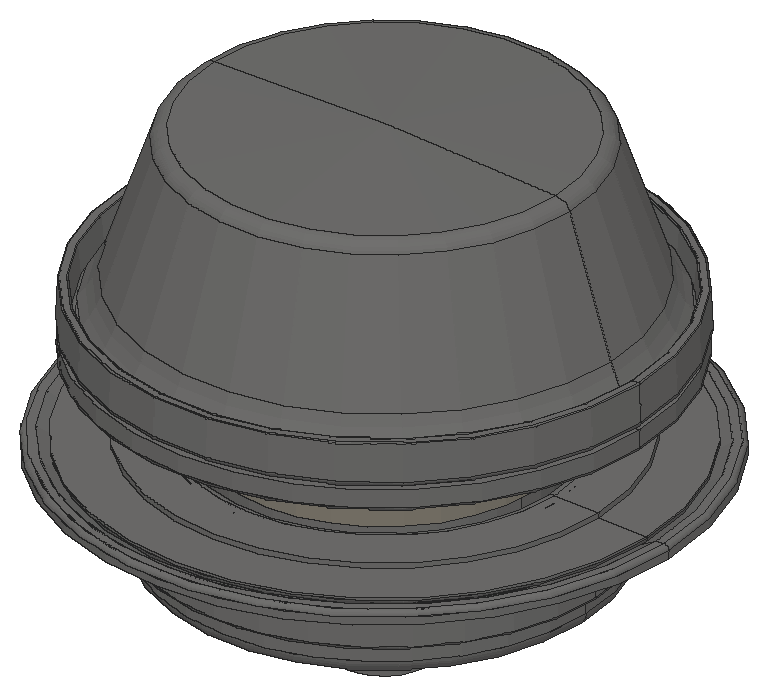
Revit family "Roof_Drain-Josam-21500-AE", category Plumbing Fixtures, Revit 2012
Parameters (values of type "2In Diameter")
  Weight = 59.00 lbf
  Surface Finish = "Painted"  # constant formula
  Product Type = "Large Sump"  # constant formula
  Product Page URL = "http://www.josam.com/catalog/line/R"
  Product Line = "Josam"  # constant formula
  Material = "Cast Iron"  # constant formula
  Manufacturer Toll Free Phone = "800-365-6726"  # constant formula
  Manufacturer Phone = "800-365-6726"  # constant formula
  Manufacturer Fax = "800-627-0008"  # constant formula
  Manufacturer Email = "custserv@josam.com"
  Manufacturer Address = "525 W. US Hwy 20, Michigan City, IN 46360"  # constant formula
  Extension Height = 1 1/2"
  URL = "http://www.josam.com/catalog/JOS/pl=R/21500-AE"
  Pipe Size Radius = Pipe Size Diameter / 2  # 1"
  Pipe Size Diameter = 2"
  Default Elevation = 48"
  Outer Cleanout Body = Metal - Josam - Anodized- Dark Bronze Satin
  Model = "21500-AE"  # constant formula
  Manufacturer = "Josam Company"  # constant formula
  Inner Cleanout body = Metal - Josam - Brass - Satin
  Description = "Roof drain - cast iron"  # constant formula
  Color Availability = "Green"  # constant formula
  Subcategory = "Roof Drain"  # constant formula
  Assembly Code = ""
  95 CSI = ""
  04 CSI = "22 40 00"  # constant formula
Reference planes (in)
  plane 1 "Center (Front/Back)": y = 0
  plane 2: z = 0
  plane 3 "Center (Left/Right)": x = 0.28125
  plane 4: x = -7.34375
  plane 5: x = 7.90625
  plane 6: x = -1.697
  plane 7: x = 2.25168
  plane 8: z = -5.125
  plane 9: z = 0
  plane 10: y = 7.64268
  plane 11: y = -7.64268
  plane 12: z = 1.5
Dimensions and locks (in)
  plane 4 to plane 5 = 15 1/4"
  "Extension Height": plane 12 to level
  level to plane 8 = 5 1/8"
  aligned and locked: level to plane 2
  aligned and locked: plane 1 "Center (Front/Back)" to nested 1
  aligned and locked: plane 3 "Center (Left/Right)" to nested 1
  aligned and locked: level to plane 9
Nested families (in)
  nested 1: "21500-AE" at (0, 0, 0), type "21500-AE"
    with Pipe Adjustable 5 1/8"
Connectors (in)
  piping at (0.28125, 0, -5.12888), driven by "Pipe Size Radius"
    settings: on nested 1, index 1, connector radius 1", flow factor 0, pipe flow 0 GPM, pressure drop 0.00 psi, fitting loss kfactor 0, connector angle 0.00°, fixture units 0, engagement length 0", flow configuration 0, flow direction 0, fitting loss method 0, system type 16, joint type 0, gender type 0, connector reference index -1, connector utility 0, adjustable connector no, is connector primary yes, fitting loss table "", connector description ""
Definition of nested family "21500-AE"
  Parameters (values of type "21500-AE")
    Extension Height = 1 1/2"
    URL = ""
    Pipe Size Radius = Pipe Size Diameter / 2  # 1"
    Pipe Size Diameter = 2"
    Pipe Adjustable = 5"
    Outer Cleanout Body = Metal - Josam - Anodized- Dark Bronze Satin
    Model = ""
    Manufacturer = ""
    Inner Cleanout body = Metal - Josam - Brass - Satin
    Description = ""
    Assembly Code = ""
  Reference planes (in)
    plane 1 "Center (Front/Back)": y = 0
    plane 2: z = 0
    plane 3 "Center (Left/Right)": x = 0.28125
    plane 4: x = -7.34375
    plane 5: x = 7.90625
    plane 6: x = -1.697
    plane 7: x = 2.25168
    plane 8: x = -6.59375
    plane 9: x = 7.15625
    plane 10: z = -0.00268
    plane 11: z = -0.00388
    plane 12: z = -4
    plane 13: z = -0.00303
    plane 14: y = 7.64268
    plane 15: y = -7.64268
  Forms (in)
    Revolve 1, solid, material "Metal - Josam - Brass - Satin" <- "Inner Cleanout body", detail levels fine
      sketch origin (0, 0, -0.67969) x (1, 0, 0) y (0, 0, 1)
        loop
          line (-3.69675, 0.67969) -> (-3.40675, 0.67969) -> (-3.40675, 3.17364) -> (-3.69675, 3.17364) -> (-3.69675, 0.67969)
        axis (0.28125, 0.67969) -> (0.28125, 3.17364)
      angle from 0 to 360
    Revolve 2, solid, material "Metal - Josam - Anodized- Dark Bronze Satin" <- "Outer Cleanout Body", detail levels fine
      sketch origin (0, 0, 3.20313) x (1, 0, 0) y (0, 0, 1)
        loop
          line (-3.21875, -5.2695) -> (-3.21875, -1.8945) -> (-3.40675, -1.8945) -> (-3.40675, -5.22824)
          arc (-3.40675, -5.22824) -> (-3.43699, -5.30126) -> (-3.51001, -5.3315) r 0.10326
          line (-3.51001, -5.3315) -> (-3.93178, -5.3315)
          arc (-3.93178, -5.3315) -> (-4.00247, -5.30222) -> (-4.03175, -5.23153) r 0.09997
          line (-4.03175, -5.23153) -> (-4.03175, -3.3315)
          arc (-4.03175, -3.3315) -> (-4.10497, -3.15472) -> (-4.28175, -3.0815) r 0.25
          line (-4.28175, -3.0815) -> (-5.46875, -3.0815) -> (-5.46875, -3.207) -> (-6.74453, -3.207) -> (-6.74453, -3.26457)
          arc (-6.74453, -3.26457) -> (-6.72957, -3.32039) -> (-6.6887, -3.36126) r 0.11165
          line (-6.6887, -3.36126) -> (-6.09375, -3.70476)
          arc (-6.09375, -3.70476) -> (-5.96862, -3.73825) -> (-5.84353, -3.70463) r 0.25
          line (-5.84353, -3.70463) -> (-5.52606, -3.52134) -> (-5.30877, -3.52134) -> (-5.30877, -3.2695) -> (-4.31929, -3.2695)
          arc (-4.31929, -3.2695) -> (-4.24891, -3.29866) -> (-4.21975, -3.36904) r 0.09954
          line (-4.21975, -3.36904) -> (-4.21975, -5.2695)
          arc (-4.21975, -5.2695) -> (-4.14653, -5.44628) -> (-3.96975, -5.5195) r 0.25
          line (-3.96975, -5.5195) -> (-3.46875, -5.5195)
          arc (-3.46875, -5.5195) -> (-3.29197, -5.44628) -> (-3.21875, -5.2695) r 0.25
        axis (0.28125, -1.8945) -> (0.28125, -5.5195)
      angle from 0 to 360
    Revolve 3, solid, material "Metal - Josam - Anodized- Dark Bronze Satin" <- "Outer Cleanout Body", detail levels fine
      sketch origin (0, 0, 3.20313) x (1, 0, 0) y (0, 0, 1)
        loop
          arc (5.95102, -3.87425) -> (5.98347, -3.81805) -> (6.04836, -3.81805) r 0.06489
          line (6.04836, -3.81805) -> (6.28113, -3.95244)
          arc (6.28113, -3.95244) -> (6.53101, -4.0195) -> (6.78096, -3.95268) r 0.5
          line (6.78096, -3.95268) -> (7.53125, -3.5195) -> (7.90625, -3.5195) -> (7.90625, -3.33181)
          arc (7.90625, -3.33181) -> (7.86957, -3.24355) -> (7.78125, -3.207) r 0.125
          line (7.78125, -3.207) -> (7.57251, -3.207) -> (6.65625, -3.73601)
          arc (6.65625, -3.73601) -> (6.53138, -3.7695) -> (6.40647, -3.73613) r 0.25
          line (6.40647, -3.73613) -> (6.03443, -3.52134) -> (5.15585, -3.52134) -> (5.15585, -5.7695) -> (1.28125, -5.7695) -> (1.28125, -8.207) -> (1.50004, -8.207) -> (1.50004, -6.0195) -> (5.25846, -6.0195)
          arc (5.25846, -6.0195) -> (5.54687, -5.91041) -> (5.69087, -5.63775) r 0.43577
          line (5.69087, -5.63775) -> (5.69087, -5.207) -> (5.89197, -5.207)
          arc (5.89197, -5.207) -> (5.93124, -5.19103) -> (5.9482, -5.15217) r 0.05625
          line (5.9482, -5.15217) -> (5.9482, -3.87425)
        axis (0.28125, -3.207) -> (0.28125, -8.207)
      angle from 0 to 360
  Lines and regions (in)
    Masking region 1, detail levels fine
      outline origin (0, 0, 0) x (1, 0, 0) y (0, 1, 0)
        loop
          circle (0.28023, 0) r 7.62398
    model lines, detail levels coarse+medium
      curve 1: line (-4.59336, 0, 7.45399) -> (5.15585, 0, 7.45399)
      curve 2: line (-0.71875, 0, -5.00388) -> (1.28125, 0, -5.00388)
      curve 3: line (0.28125, 0, 7.45399) -> (0.28125, 0, -5.00388)
    symbolic lines, detail levels fine
      curve 4: circle (0.28023, 0, 0) r 7.24899 normal (0, 0, 1)
      curve 5: circle (0.28125, 0, 0) r 6.4375 normal (0, 0, 1)
      curve 6: circle (0.28023, 0, 0) r 3.68698 normal (0, 0, 1)
  Dimensions and locks (in)
    plane 4 to plane 5 = 15 1/4"
    plane 9 to plane 8 = 13 3/4"
    level to plane 11 = 0.00388"
    "Pipe Adjustable": plane 11 to Revolve 3 sketch curve
    Revolve 3 sketch curve to Revolve 3 sketch curve to Revolve 3 sketch curve to Revolve 3 sketch curve to Revolve 3 sketch curve to Revolve 2 to Revolve 3 sketch curve to Revolve 3 sketch curve = 1/4" locked, 9/16" locked, 1 3/16" locked, 0.20145" locked, 0.29671" locked, 0.00184" locked, 5/16" locked
    "Extension Height": nested 1 to plane 13
    "Pipe Size Radius": plane 3 "Center (Left/Right)" to Revolve 3 sketch curve
    locked: Revolve 3 sketch curve to Revolve 3 sketch curve at 0.21879
    locked: Revolve 3 sketch curve to Revolve 3 sketch curve at 0.57681
    equal spacing: curve 2, plane 3 "Center (Left/Right)", curve 2
    "Pipe Size Diameter": curve 2 to curve 2
    aligned and locked: level to plane 2
    aligned and locked: nested 1 to plane 1 "Center (Front/Back)"
    aligned and locked: Revolve 1 to plane 2
    aligned and locked: nested 1 to Revolve 1 sketch curve
    aligned and locked: plane 1 "Center (Front/Back)" to curve 1
    aligned and locked: curve 2 to Revolve 3
    aligned and locked: Revolve 3 to curve 3
    aligned and locked: nested 1 to curve 3
    aligned and locked: curve 3 to plane 3 "Center (Left/Right)"
  Automatic sketch dimensions
    Revolve 1 sketch curve to plane 3 "Center (Left/Right)" = 0"
    Revolve 1 sketch curve to plane 6 = 1.70975"
    Revolve 1 sketch curve to Revolve 1 sketch curve = 0.29"
    Revolve 1 sketch curve to plane 10 = 3.61065"
    Revolve 1 sketch curve to Revolve 1 sketch curve = 0.58369"
    Revolve 2 sketch curve to plane 3 "Center (Left/Right)" = 0"
    Revolve 2 sketch curve to plane 6 = 1.52175"
    Revolve 2 sketch curve to Revolve 2 sketch curve = 0.188"  (x2)
    Revolve 2 sketch curve to Revolve 2 sketch curve = 0.062"  (x4)
    Revolve 2 sketch curve to Revolve 2 sketch curve = 0.04126"
    Revolve 2 sketch curve to Revolve 2 sketch curve = 0.42177"
    Revolve 2 sketch curve to Revolve 2 sketch curve = 0.03797"
    Revolve 2 sketch curve to Revolve 2 sketch curve = 0.03754"  (x2)
    Revolve 2 sketch curve to Revolve 2 sketch curve = 0.98948"
    Revolve 2 sketch curve to Revolve 2 sketch curve = 0.15998"
    Revolve 2 sketch curve to Revolve 2 sketch curve = 0.21729"
    Revolve 2 sketch curve to Revolve 2 sketch curve = 0.31747"
    Revolve 2 sketch curve to Revolve 2 sketch curve = 0.12522"
    Revolve 2 sketch curve to Revolve 2 sketch curve = 1/8"
    Revolve 2 sketch curve to Revolve 2 sketch curve = 0"  (x2)
    plane 8 to Revolve 2 sketch curve = 0.03912"
    plane 8 to Revolve 2 sketch curve = 0.09495"
    Revolve 2 sketch curve to Revolve 2 sketch curve = 0.11165"
    Revolve 2 sketch curve to level = 2.31638"
    Revolve 2 sketch curve to Revolve 2 sketch curve = 1.4525"
    Revolve 2 sketch curve to Revolve 2 sketch curve = 1.56474"
    Revolve 2 sketch curve to Revolve 2 sketch curve = 0.00013"
    Revolve 2 sketch curve to Revolve 2 sketch curve = 0.18329"
    Revolve 2 sketch curve to Revolve 2 sketch curve = 0.1523"
    Revolve 2 sketch curve to Revolve 2 sketch curve = 0.34349"
    Revolve 2 sketch curve to Revolve 2 sketch curve = 0.05757"
    Revolve 2 sketch curve to Revolve 2 sketch curve = 1"
    Revolve 2 sketch curve to Revolve 2 sketch curve = 1.187"
    Revolve 3 sketch curve to Revolve 3 sketch curve = 0"  (x5)
    Revolve 3 sketch curve to plane 3 "Center (Left/Right)" = 0"
    Revolve 3 sketch curve to plane 11 = 0.31434"
    Revolve 3 sketch curve to Revolve 3 sketch curve = 0.01852"
    Revolve 3 sketch curve to Revolve 3 sketch curve = 0.12534"
    Revolve 3 sketch curve to Revolve 3 sketch curve = 0.12478"
    Revolve 3 sketch curve to Revolve 3 sketch curve = 0.12471"
    Revolve 3 sketch curve to Revolve 3 sketch curve = 0.78573"
    Revolve 3 sketch curve to Revolve 3 sketch curve = 1.24917"
    Revolve 3 sketch curve to Revolve 3 sketch curve = 0.05483"
    Revolve 3 sketch curve to Revolve 3 sketch curve = 0.13463"
    Revolve 3 sketch curve to Revolve 3 sketch curve = 0.21663"
    Revolve 3 sketch curve to Revolve 3 sketch curve = 1/8"  (x2)
    Revolve 3 sketch curve to Revolve 3 sketch curve = 0.43075"
    Revolve 3 sketch curve to Revolve 3 sketch curve = 0.24978"
    plane 12 to Revolve 1 sketch curve = 4"
    plane 5 to Revolve 3 sketch curve = 0"
    Revolve 3 sketch curve to plane 9 = 2.00039"
    Revolve 3 sketch curve to Revolve 3 sketch curve = 0.10261"
    Revolve 3 sketch curve to Revolve 3 sketch curve = 0.2011"
    Revolve 3 sketch curve to Revolve 3 sketch curve = 0.05623"
    Revolve 3 sketch curve to Revolve 3 sketch curve = 0.00282"
    Revolve 3 sketch curve to Revolve 3 sketch curve = 0.06489"
    Revolve 3 sketch curve to Revolve 3 sketch curve = 0.03244"
    Revolve 3 sketch curve to Revolve 3 sketch curve = 0.23277"
    plane 5 to Revolve 3 sketch curve = 3/8"
    Revolve 3 sketch curve to Revolve 3 sketch curve = 0.04127"
    curve 1 to plane 9 = 2.00039"
    curve 1 to plane 8 = 2.00039"
    plane 1 "Center (Front/Back)" to Masking region 1 sketch curve = 0"
    Masking region 1 sketch curve to plane 3 "Center (Left/Right)" = 0.00102"
    curve 4 to curve 6 = 0"  (x2)
    plane 1 "Center (Front/Back)" to curve 6 = 0"
    plane 1 "Center (Front/Back)" to curve 5 = 0"
    curve 5 to plane 3 "Center (Left/Right)" = 0"
    curve 4 to curve 5 = 0.00102"
    radius of Masking region 1 sketch curve = 7.62398"
    radius of curve 4 = 7.24899"
    radius of curve 5 = 6 7/16"
    radius of curve 6 = 3.68698"
  Nested families (in)
    nested 1: "Strainer" at (0.28125, 0, -2.80205), type "Strainer", detail levels fine
  Definition of nested family "Strainer"
    Parameters (values of type "Strainer")
      Waste Connection = no
      Vent Connection = no
      URL = ""
      Strainer = none
      Model = ""
      Manufacturer = ""
      HW Connection = no
      Description = ""
      Default Elevation = 48"
      CW Connection = no
      Assembly Code = ""
    Reference planes (in)
      plane 1: z = 0
      plane 2: y = 0
      plane 3: x = 0
      plane 4: z = 10.25604
      plane 5: z = 4.29903
      plane 6: through (4.95512, -180, 9.88317) normal (0.9455, 0, 0.3256)
      plane 7: through (0, -4.90104, 9.95468) normal (0, -0.9455, 0.3256)
    Forms (in)
      Revolve 1, solid, material <- "Strainer", detail levels medium+fine
        sketch origin (-0.28125, 0, 4) x (1, 0, 0) y (0, 0, 1)
          loop
            arc (-6.59375, 0.86191) -> (-6.57533, 0.81745) -> (-6.53086, 0.79903) r 0.06289
            line (-6.53086, 0.79903) -> (-5.92668, 0.79903)
            arc (-5.92668, 0.79903) -> (-5.91038, 0.80117) -> (-5.89519, 0.80746) r 0.06297
            line (-5.89519, 0.80746) -> (-5.48344, 1.04519)
            arc (-5.48344, 1.04519) -> (-5.46817, 1.05151) -> (-5.45179, 1.05367) r 0.06329
            line (-5.45179, 1.05367) -> (-5.34375, 1.05367) -> (-5.34375, 0.36323)
            arc (-5.34375, 0.36323) -> (-5.32495, 0.31783) -> (-5.27955, 0.29903) r 0.0642
            line (-5.27955, 0.29903) -> (-4.65814, 0.29903)
            arc (-4.65814, 0.29903) -> (-4.61261, 0.31788) -> (-4.59375, 0.36341) r 0.06439
            line (-4.59375, 0.36341) -> (-4.59375, 1.04903) -> (-3.69675, 1.04903) -> (-3.69675, 1.296) -> (-6.59375, 1.296) -> (-6.59375, 0.86191)
          axis (0.26562, 0.29903) -> (0.26562, 1.296)
        angle from 0 to 360
      Revolve 2, solid, material <- "Strainer", detail levels medium+fine
        sketch origin (-0.28125, 0, 4.93227) x (1, 0, 0) y (0, 0, 1)
          loop
            line (4.90659, 4.91023) -> (6.27745, 0.82212) -> (6.78125, 0.82212) -> (6.78125, 0.99747)
            arc (6.78125, 0.99747) -> (6.52032, 1.3392) -> (6.33843, 1.7288) r 2.00086
            line (6.33843, 1.7288) -> (5.24444, 4.93164)
            arc (5.24444, 4.93164) -> (5.10678, 5.11939) -> (4.88661, 5.19508) r 0.38948
            line (4.88661, 5.19508) -> (0.3125, 5.32126) -> (0.3125, 4.91023) -> (4.90659, 4.91023)
          axis (0.3125, 5.32126) -> (0.3125, 0.82212)
        angle from 0 to 360
      Revolve 3, solid, material <- "Strainer", detail levels medium+fine
        sketch origin (-0.28125, 0, 48) x (-1, 0, 0) y (0, 0, 1)
          loop
            line (6.59172, -42.51517) -> (6.5632, -41.61163)
            arc (6.5632, -41.61163) -> (6.55622, -41.59584) -> (6.54021, -41.58936) r 0.023
            line (6.54021, -41.58936) -> (6.36532, -41.58936)
            arc (6.36532, -41.58936) -> (6.34945, -41.59555) -> (6.34196, -41.61085) r 0.02344
            line (6.34196, -41.61085) -> (6.28742, -42.26539)
            arc (6.28742, -42.26539) -> (6.26165, -42.31805) -> (6.20703, -42.33936) r 0.08067
            line (6.20703, -42.33936) -> (5.15625, -42.33936) -> (5.15625, -42.58936) -> (5.31135, -42.58936)
            arc (5.31135, -42.58936) -> (5.35882, -42.59561) -> (5.40306, -42.61393) r 0.18342
            line (5.40306, -42.61393) -> (5.84375, -42.86836)
            arc (5.84375, -42.86836) -> (5.96875, -42.90186) -> (6.09375, -42.86836) r 0.25
            line (6.09375, -42.86836) -> (6.53785, -42.61196)
            arc (6.53785, -42.61196) -> (6.57816, -42.57101) -> (6.59172, -42.51517) r 0.10785
          axis (-0.28125, -42.86836) -> (-0.28125, -41.58936)
        angle from 0 to 360
    Lines and regions (in)
      model lines, detail levels medium+fine
        curve 1: line (6.02555, -0.52157, 6.7231) -> (5.02095, -0.37962, 9.69414)
        curve 2: spline (6.41925, -0.56556, 6.04912) -> (6.42139, -0.56573, 6.04851) -> (6.42323, -0.56588, 6.04779) -> (6.42476, -0.566, 6.04697) -> (6.42598, -0.56611, 6.04604) -> (6.42689, -0.5662, 6.04501) -> (6.4275, -0.56627, 6.04387) -> (6.42779, -0.56632, 6.04262) -> (6.42778, -0.56636, 6.04127) -> (6.42747, -0.56637, 6.03981) -> (6.42684, -0.56636, 6.03825) -> (6.42591, -0.56633, 6.03657) -> (6.42467, -0.56629, 6.0348)
        curve 3: line (5.0466, 0.03615, 9.69396) -> (6.06091, 0.05036, 6.72312)
        curve 4: arc (6.06091, 0.05036, 6.72312) -> (6.22738, 0.0498, 6.35879) -> (6.46263, 0.04452, 6.03464) r 2.01089
        curve 5: spline (6.45814, 0.04442, 6.04915) -> (6.41456, 0.04562, 6.09974) -> (6.37269, 0.0467, 6.15175) -> (6.33256, 0.04764, 6.20512) -> (6.29423, 0.04846, 6.2598) -> (6.25774, 0.04914, 6.31572) -> (6.22313, 0.0497, 6.37282) -> (6.19043, 0.05012, 6.43104) -> (6.15968, 0.05042, 6.49031) -> (6.13092, 0.05058, 6.55057) -> (6.10418, 0.0506, 6.61175) -> (6.07949, 0.0505, 6.67379) -> (6.05687, 0.05026, 6.73661)
        curve 6: arc (6.46263, 0.04452, 6.03464) -> (6.44919, -0.26123, 6.03663) -> (6.42467, -0.56629, 6.0348) r 7.98078
        curve 7: arc (6.42467, -0.56629, 6.0348) -> (6.19072, -0.54196, 6.35888) -> (6.02555, -0.52157, 6.7231) r 2.01105
        curve 8: arc (5.02095, -0.37962, 9.69414) -> (5.03761, -0.17197, 9.69537) -> (5.0466, 0.03615, 9.69396) r 5.33322
        curve 9: line (5.70654, -2.00368, 6.7231) -> (4.7688, -1.61635, 9.69414)
        curve 10: spline (6.07693, -2.1442, 6.04912) -> (6.07896, -2.14489, 6.04851) -> (6.0807, -2.14549, 6.04779) -> (6.08215, -2.14599, 6.04697) -> (6.08331, -2.1464, 6.04604) -> (6.08417, -2.14672, 6.04501) -> (6.08474, -2.14694, 6.04387) -> (6.08501, -2.14706, 6.04262) -> (6.085, -2.14709, 6.04127) -> (6.08469, -2.14702, 6.03981) -> (6.08408, -2.14686, 6.03825) -> (6.08319, -2.1466, 6.03657) -> (6.08199, -2.14625, 6.0348)
        curve 11: line (4.89704, -1.22003, 9.69396) -> (5.88302, -1.45851, 6.72312)
        curve 12: arc (5.88302, -1.45851, 6.72312) -> (6.04412, -1.50046, 6.35879) -> (6.27066, -1.56407, 6.03464) r 2.01089
        curve 13: spline (6.26629, -1.56305, 6.04915) -> (6.22438, -1.55105, 6.09974) -> (6.18409, -1.53959, 6.15175) -> (6.14546, -1.5287, 6.20512) -> (6.10854, -1.51838, 6.2598) -> (6.07336, -1.50864, 6.31572) -> (6.03998, -1.49949, 6.37282) -> (6.00841, -1.49095, 6.43104) -> (5.9787, -1.48302, 6.49031) -> (5.95089, -1.47571, 6.55057) -> (5.92499, -1.46903, 6.61175) -> (5.90105, -1.46299, 6.67379) -> (5.87908, -1.4576, 6.73661)
        curve 14: arc (6.27066, -1.56407, 6.03464) -> (6.18161, -1.85687, 6.03663) -> (6.08199, -2.14625, 6.0348) r 7.98078
        curve 15: arc (6.08199, -2.14625, 6.0348) -> (5.86145, -2.0645, 6.35888) -> (5.70654, -2.00368, 6.7231) r 2.01105
        curve 16: arc (4.7688, -1.61635, 9.69414) -> (4.83658, -1.41937, 9.69537) -> (4.89704, -1.22003, 9.69396) r 5.33322
        curve 17: line (5.96596, 0.99331, 6.7231) -> (4.95762, 0.88097, 9.69414)
        curve 18: spline (6.35823, 1.04861, 6.04912) -> (6.36034, 1.04898, 6.04851) -> (6.36216, 1.04929, 6.04779) -> (6.36367, 1.04955, 6.04697) -> (6.36488, 1.04975, 6.04604) -> (6.36579, 1.04989, 6.04501) -> (6.36639, 1.04997, 6.04387) -> (6.36669, 1.05, 6.04262) -> (6.36669, 1.04996, 6.04127) -> (6.36639, 1.04987, 6.03981) -> (6.36578, 1.04972, 6.03825) -> (6.36487, 1.04952, 6.03657) -> (6.36365, 1.04925, 6.0348)
        curve 19: line (4.87906, 1.29005, 9.69396) -> (5.85797, 1.55606, 6.72312)
        curve 20: arc (5.85797, 1.55606, 6.72312) -> (6.01935, 1.59692, 6.35879) -> (6.24852, 1.65031, 6.03464) r 2.01089
        curve 21: spline (6.2442, 1.6491, 6.04915) -> (6.20169, 1.63943, 6.09974) -> (6.16086, 1.63005, 6.15175) -> (6.12176, 1.62099, 6.20512) -> (6.08444, 1.61225, 6.2598) -> (6.04892, 1.60384, 6.31572) -> (6.01526, 1.59577, 6.37282) -> (5.98348, 1.58805, 6.43104) -> (5.95363, 1.58068, 6.49031) -> (5.92573, 1.57369, 6.55057) -> (5.89982, 1.56706, 6.61175) -> (5.87593, 1.56082, 6.67379) -> (5.85408, 1.55497, 6.73661)
        curve 22: arc (6.24852, 1.65031, 6.03464) -> (6.31154, 1.35083, 6.03663) -> (6.36365, 1.04925, 6.0348) r 7.98078
        curve 23: arc (6.36365, 1.04925, 6.0348) -> (6.13101, 1.01464, 6.35888) -> (5.96596, 0.99331, 6.7231) r 2.01105
        curve 24: arc (4.95762, 0.88097, 9.69414) -> (4.92212, 1.08623, 9.69537) -> (4.87906, 1.29005, 9.69396) r 5.33322
        curve 25: line (5.5315, 2.44578, 6.7231) -> (4.58278, 2.0862, 9.69414)
        curve 26: spline (5.89769, 2.59689, 6.04912) -> (5.89965, 2.59778, 6.04851) -> (5.90133, 2.59853, 6.04779) -> (5.90273, 2.59916, 6.04697) -> (5.90385, 2.59965, 6.04604) -> (5.9047, 2.60001, 6.04501) -> (5.90526, 2.60024, 6.04387) -> (5.90555, 2.60034, 6.04262) -> (5.90555, 2.60031, 6.04127) -> (5.90528, 2.60014, 6.03981) -> (5.90473, 2.59985, 6.03825) -> (5.9039, 2.59942, 6.03657) -> (5.90279, 2.59887, 6.0348)
        curve 27: line (4.40495, 2.46289, 9.69396) -> (5.28696, 2.964, 6.72312)
        curve 28: arc (5.28696, 2.964, 6.72312) -> (5.43311, 3.0437, 6.35879) -> (5.6418, 3.15241, 6.03464) r 2.01089
        curve 29: spline (5.63791, 3.15016, 6.04915) -> (5.59914, 3.13022, 6.09974) -> (5.56193, 3.11098, 6.15175) -> (5.52631, 3.09248, 6.20512) -> (5.49233, 3.07473, 6.2598) -> (5.46002, 3.05775, 6.31572) -> (5.42942, 3.04157, 6.37282) -> (5.40057, 3.02619, 6.43104) -> (5.37348, 3.01163, 6.49031) -> (5.3482, 2.99791, 6.55057) -> (5.32476, 2.98506, 6.61175) -> (5.30317, 2.97307, 6.67379) -> (5.28346, 2.96196, 6.73661)
        curve 30: arc (5.6418, 3.15241, 6.03464) -> (5.77731, 2.878, 6.03663) -> (5.90279, 2.59887, 6.0348) r 7.98078
        curve 31: arc (5.90279, 2.59887, 6.0348) -> (5.68606, 2.50748, 6.35888) -> (5.5315, 2.44578, 6.7231) r 2.01105
        curve 32: arc (4.58278, 2.0862, 9.69414) -> (4.49734, 2.27619, 9.69537) -> (4.40495, 2.46289, 9.69396) r 5.33322
        curve 33: line (4.74948, 3.74457, 6.7231) -> (3.91998, 3.16035, 9.69414)
        curve 34: spline (5.06659, 3.982, 6.04912) -> (5.06826, 3.98335, 6.04851) -> (5.0697, 3.9845, 6.04779) -> (5.0709, 3.98545, 6.04697) -> (5.07187, 3.98621, 6.04604) -> (5.07259, 3.98677, 6.04501) -> (5.07308, 3.98713, 6.04387) -> (5.07334, 3.9873, 6.04262) -> (5.07335, 3.98727, 6.04127) -> (5.07313, 3.98704, 6.03981) -> (5.07267, 3.98662, 6.03825) -> (5.07197, 3.986, 6.03657) -> (5.07103, 3.98518, 6.0348)
        curve 35: line (3.65407, 3.48098, 9.69396) -> (4.38374, 4.18569, 6.72312)
        curve 36: arc (4.38374, 4.18569, 6.72312) -> (4.50548, 4.29924, 6.35879) -> (4.68058, 4.45643, 6.03464) r 2.01089
        curve 37: spline (4.67737, 4.45328, 6.04915) -> (4.64478, 4.42433, 6.09974) -> (4.61352, 4.39644, 6.15175) -> (4.58363, 4.36967, 6.20512) -> (4.55513, 4.34402, 6.2598) -> (4.52806, 4.31954, 6.31572) -> (4.50244, 4.29625, 6.37282) -> (4.47832, 4.27418, 6.43104) -> (4.4557, 4.25334, 6.49031) -> (4.43463, 4.23377, 6.55057) -> (4.41512, 4.21549, 6.61175) -> (4.39719, 4.19851, 6.67379) -> (4.38086, 4.18285, 6.73661)
        curve 38: arc (4.68058, 4.45643, 6.03464) -> (4.88008, 4.22434, 6.03663) -> (5.07103, 3.98518, 6.0348) r 7.98078
        curve 39: arc (5.07103, 3.98518, 6.0348) -> (4.88384, 3.84277, 6.35888) -> (4.74948, 3.74457, 6.7231) r 2.01105
        curve 40: arc (3.91998, 3.16035, 9.69414) -> (3.78999, 3.32312, 9.69537) -> (3.65407, 3.48098, 9.69396) r 5.33322
        curve 41: line (3.66903, 4.80807, 6.7231) -> (3.01088, 4.03592, 9.69414)
        curve 42: spline (3.91713, 5.11691, 6.04912) -> (3.91842, 5.11863, 6.04851) -> (3.91952, 5.1201, 6.04779) -> (3.92045, 5.12132, 6.04697) -> (3.9212, 5.12229, 6.04604) -> (3.92176, 5.12302, 6.04501) -> (3.92215, 5.12349, 6.04387) -> (3.92235, 5.12371, 6.04262) -> (3.92237, 5.12369, 6.04127) -> (3.92221, 5.12341, 6.03981) -> (3.92187, 5.12289, 6.03825) -> (3.92134, 5.12212, 6.03657) -> (3.92064, 5.12109, 6.0348)
        curve 43: line (2.67358, 4.28035, 9.69396) -> (3.20508, 5.14438, 6.72312)
        curve 44: arc (3.20508, 5.14438, 6.72312) -> (3.29475, 5.28463, 6.35879) -> (3.42526, 5.48043, 6.03464) r 2.01089
        curve 45: spline (3.42294, 5.47659, 6.04915) -> (3.39857, 5.44044, 6.09974) -> (3.37523, 5.40566, 6.15175) -> (3.35293, 5.37229, 6.20512) -> (3.3317, 5.34036, 6.2598) -> (3.31157, 5.30992, 6.31572) -> (3.29256, 5.28099, 6.37282) -> (3.27468, 5.25361, 6.43104) -> (3.25796, 5.22781, 6.49031) -> (3.24241, 5.20361, 6.55057) -> (3.22806, 5.18105, 6.61175) -> (3.21491, 5.16014, 6.67379) -> (3.20299, 5.14092, 6.73661)
        curve 46: arc (3.42526, 5.48043, 6.03464) -> (3.67621, 5.30525, 6.03663) -> (3.92064, 5.12109, 6.0348) r 7.98078
        curve 47: arc (3.92064, 5.12109, 6.0348) -> (3.77474, 4.9366, 6.35888) -> (3.66903, 4.80807, 6.7231) r 2.01105
        curve 48: arc (3.01088, 4.03592, 9.69414) -> (2.84449, 4.16125, 9.69537) -> (2.67358, 4.28035, 9.69396) r 5.33322
        curve 49: line (2.35804, 5.56947, 6.7231) -> (1.9126, 4.6579, 9.69414)
        curve 50: spline (2.52154, 5.9303, 6.04912) -> (2.52236, 5.93229, 6.04851) -> (2.52307, 5.93399, 6.04779) -> (2.52366, 5.9354, 6.04697) -> (2.52414, 5.93653, 6.04604) -> (2.52451, 5.93737, 6.04501) -> (2.52476, 5.93792, 6.04387) -> (2.5249, 5.93819, 6.04262) -> (2.52493, 5.93817, 6.04127) -> (2.52484, 5.93787, 6.03981) -> (2.52464, 5.93727, 6.03825) -> (2.52433, 5.9364, 6.03657) -> (2.5239, 5.93523, 6.0348)
        curve 51: line (1.52511, 4.81077, 9.69396) -> (1.82503, 5.77983, 6.72312)
        curve 52: arc (1.82503, 5.77983, 6.72312) -> (1.87701, 5.93798, 6.35879) -> (1.95472, 6.16008, 6.03464) r 2.01089
        curve 53: spline (1.95343, 6.15578, 6.04915) -> (1.93882, 6.11471, 6.09974) -> (1.92486, 6.07521, 6.15175) -> (1.91156, 6.03735, 6.20512) -> (1.89894, 6.00114, 6.2598) -> (1.88701, 5.96665, 6.31572) -> (1.87579, 5.9339, 6.37282) -> (1.86528, 5.90294, 6.43104) -> (1.8555, 5.87379, 6.49031) -> (1.84646, 5.84648, 6.55057) -> (1.83817, 5.82106, 6.61175) -> (1.83064, 5.79754, 6.67379) -> (1.82387, 5.77596, 6.73661)
        curve 54: arc (1.95472, 6.16008, 6.03464) -> (2.24135, 6.05282, 6.03663) -> (2.5239, 5.93523, 6.0348) r 7.98078
        curve 55: arc (2.5239, 5.93523, 6.0348) -> (2.42847, 5.72025, 6.35888) -> (2.35804, 5.56947, 6.7231) r 2.01105
        curve 56: arc (1.9126, 4.6579, 9.69414) -> (1.72026, 4.73791, 9.69537) -> (1.52511, 4.81077, 9.69396) r 5.33322
        curve 57: line (0.89889, 5.98091, 6.7231) -> (0.69414, 4.98721, 9.69414)
        curve 58: spline (0.96751, 6.37107, 6.04912) -> (0.96782, 6.3732, 6.04851) -> (0.96808, 6.37502, 6.04779) -> (0.9683, 6.37654, 6.04697) -> (0.96849, 6.37775, 6.04604) -> (0.96863, 6.37866, 6.04501) -> (0.96874, 6.37926, 6.04387) -> (0.96881, 6.37955, 6.04262) -> (0.96884, 6.37954, 6.04127) -> (0.96883, 6.37922, 6.03981) -> (0.96879, 6.3786, 6.03825) -> (0.9687, 6.37767, 6.03657) -> (0.96858, 6.37643, 6.0348)
        curve 59: line (0.2808, 5.03891, 9.69396) -> (0.33031, 6.05211, 6.72312)
        curve 60: arc (0.33031, 6.05211, 6.72312) -> (0.34132, 6.21822, 6.35879) -> (0.36136, 6.45267, 6.03464) r 2.01089
        curve 61: spline (0.36117, 6.44819, 6.04915) -> (0.35724, 6.40477, 6.09974) -> (0.35354, 6.36304, 6.15175) -> (0.35008, 6.32306, 6.20512) -> (0.34686, 6.28485, 6.2598) -> (0.34388, 6.24848, 6.31572) -> (0.34115, 6.21397, 6.37282) -> (0.33868, 6.18136, 6.43104) -> (0.33645, 6.15069, 6.49031) -> (0.33449, 6.122, 6.55057) -> (0.33278, 6.09531, 6.61175) -> (0.33133, 6.07066, 6.67379) -> (0.33015, 6.04807, 6.73661)
        curve 62: arc (0.36136, 6.45267, 6.03464) -> (0.66566, 6.42006, 6.03663) -> (0.96858, 6.37643, 6.0348) r 7.98078
        curve 63: arc (0.96858, 6.37643, 6.0348) -> (0.92961, 6.14447, 6.35888) -> (0.89889, 5.98091, 6.7231) r 2.01105
        curve 64: arc (0.69414, 4.98721, 9.69414) -> (0.48795, 5.01688, 9.69537) -> (0.2808, 5.03891, 9.69396) r 5.33322
        curve 65: line (-0.61674, 6.01656, 6.7231) -> (-0.56794, 5.00315, 9.69414)
        curve 66: spline (-0.6473, 6.41152, 6.04912) -> (-0.64754, 6.41366, 6.04851) -> (-0.64774, 6.41549, 6.04779) -> (-0.6479, 6.41702, 6.04697) -> (-0.64802, 6.41824, 6.04604) -> (-0.64811, 6.41915, 6.04501) -> (-0.64815, 6.41976, 6.04387) -> (-0.64816, 6.42006, 6.04262) -> (-0.64812, 6.42005, 6.04127) -> (-0.64805, 6.41974, 6.03981) -> (-0.64794, 6.41913, 6.03825) -> (-0.64779, 6.41821, 6.03657) -> (-0.64761, 6.41698, 6.0348)
        curve 67: line (-0.98115, 4.95044, 9.69396) -> (-1.18517, 5.94412, 6.72312)
        curve 68: arc (-1.18517, 5.94412, 6.72312) -> (-1.21581, 6.10775, 6.35879) -> (-1.25471, 6.33982, 6.03464) r 2.01089
        curve 69: spline (-1.25377, 6.33542, 6.04915) -> (-1.24678, 6.29239, 6.09974) -> (-1.23999, 6.25106, 6.15175) -> (-1.2334, 6.21147, 6.20512) -> (-1.22702, 6.17366, 6.2598) -> (-1.22086, 6.13769, 6.31572) -> (-1.21492, 6.10359, 6.37282) -> (-1.20921, 6.07139, 6.43104) -> (-1.20373, 6.04113, 6.49031) -> (-1.1985, 6.01285, 6.55057) -> (-1.19352, 5.98658, 6.61175) -> (-1.18879, 5.96234, 6.67379) -> (-1.18432, 5.94017, 6.73661)
        curve 70: arc (-1.25471, 6.33982, 6.03464) -> (-0.95186, 6.3839, 6.03663) -> (-0.64761, 6.41698, 6.0348) r 7.98078
        curve 71: arc (-0.64761, 6.41698, 6.0348) -> (-0.62766, 6.18262, 6.35888) -> (-0.61674, 6.01656, 6.7231) r 2.01105
        curve 72: arc (-0.56794, 5.00315, 9.69414) -> (-0.77503, 4.98061, 9.69537) -> (-0.98115, 4.95044, 9.69396) r 5.33322
        curve 73: line (-2.09362, 5.67416, 6.7231) -> (-1.79433, 4.70473, 9.69414)
        curve 74: spline (-2.22145, 6.04912, 6.04912) -> (-2.22221, 6.05113, 6.04851) -> (-2.22286, 6.05285, 6.04779) -> (-2.22339, 6.05429, 6.04697) -> (-2.22381, 6.05544, 6.04604) -> (-2.22412, 6.0563, 6.04501) -> (-2.22432, 6.05688, 6.04387) -> (-2.2244, 6.05717, 6.04262) -> (-2.22436, 6.05718, 6.04127) -> (-2.22422, 6.05689, 6.03981) -> (-2.22396, 6.05632, 6.03825) -> (-2.22358, 6.05547, 6.03657) -> (-2.2231, 6.05433, 6.0348)
        curve 75: line (-2.18144, 4.55091, 9.69396) -> (-2.62618, 5.46264, 6.72312)
        curve 76: arc (-2.62618, 5.46264, 6.72312) -> (-2.69655, 5.6135, 6.35879) -> (-2.79194, 5.82861, 6.03464) r 2.01089
        curve 77: spline (-2.78994, 5.82458, 6.04915) -> (-2.77247, 5.78464, 6.09974) -> (-2.75561, 5.7463, 6.15175) -> (-2.73938, 5.70959, 6.20512) -> (-2.7238, 5.67456, 6.2598) -> (-2.70888, 5.64125, 6.31572) -> (-2.69465, 5.60969, 6.37282) -> (-2.68111, 5.57993, 6.43104) -> (-2.66828, 5.55198, 6.49031) -> (-2.65618, 5.52589, 6.55057) -> (-2.64482, 5.50168, 6.61175) -> (-2.63421, 5.47938, 6.67379) -> (-2.62437, 5.45902, 6.73661)
        curve 78: arc (-2.79194, 5.82861, 6.03464) -> (-2.50956, 5.94662, 6.03663) -> (-2.2231, 6.05433, 6.0348) r 7.98078
        curve 79: arc (-2.2231, 6.05433, 6.0348) -> (-2.1455, 5.83228, 6.35888) -> (-2.09362, 5.67416, 6.7231) r 2.01105
        curve 80: arc (-1.79433, 4.70473, 9.69414) -> (-1.98931, 4.63139, 9.69537) -> (-2.18144, 4.55091, 9.69396) r 5.33322
        curve 81: line (-3.43895, 4.97523, 6.7231) -> (-2.90797, 4.11069, 9.69414)
        curve 82: spline (-3.65601, 5.30662, 6.04912) -> (-3.65725, 5.30838, 6.04851) -> (-3.6583, 5.30989, 6.04779) -> (-3.65918, 5.31115, 6.04697) -> (-3.65987, 5.31216, 6.04604) -> (-3.66039, 5.31292, 6.04501) -> (-3.66072, 5.31343, 6.04387) -> (-3.66087, 5.31369, 6.04262) -> (-3.66084, 5.3137, 6.04127) -> (-3.66063, 5.31346, 6.03981) -> (-3.66023, 5.31298, 6.03825) -> (-3.65966, 5.31224, 6.03657) -> (-3.65891, 5.31126, 6.0348)
        curve 83: line (-3.24468, 3.86543, 9.69396) -> (-3.90217, 4.63791, 6.72312)
        curve 84: arc (-3.90217, 4.63791, 6.72312) -> (-4.00785, 4.76654, 6.35879) -> (-4.15374, 4.95116, 6.03464) r 2.01089
        curve 85: spline (-4.1508, 4.94777, 6.04915) -> (-4.12395, 4.91342, 6.09974) -> (-4.09808, 4.88047, 6.15175) -> (-4.07323, 4.84895, 6.20512) -> (-4.04943, 4.8189, 6.2598) -> (-4.0267, 4.79035, 6.31572) -> (-4.00506, 4.76332, 6.37282) -> (-3.98455, 4.73786, 6.43104) -> (-3.96518, 4.71398, 6.49031) -> (-3.94697, 4.69172, 6.55057) -> (-3.92994, 4.6711, 6.61175) -> (-3.91412, 4.65214, 6.67379) -> (-3.89952, 4.63486, 6.73661)
        curve 86: arc (-4.15374, 4.95116, 6.03464) -> (-3.90959, 5.1357, 6.03663) -> (-3.65891, 5.31126, 6.0348) r 7.98078
        curve 87: arc (-3.65891, 5.31126, 6.0348) -> (-3.52852, 5.11549, 6.35888) -> (-3.43895, 4.97523, 6.7231) r 2.01105
        curve 88: arc (-2.90797, 4.11069, 9.69414) -> (-3.07859, 3.99117, 9.69537) -> (-3.24468, 3.86543, 9.69396) r 5.33322
        curve 89: line (-4.5682, 3.96369, 6.7231) -> (-3.8389, 3.25836, 9.69414)
        curve 90: spline (-4.86085, 4.23069, 6.04912) -> (-4.86249, 4.23208, 6.04851) -> (-4.86389, 4.23328, 6.04779) -> (-4.86505, 4.23428, 6.04697) -> (-4.86597, 4.23509, 6.04604) -> (-4.86666, 4.2357, 6.04501) -> (-4.86711, 4.23611, 6.04387) -> (-4.86732, 4.23633, 6.04262) -> (-4.86729, 4.23635, 6.04127) -> (-4.86703, 4.23617, 6.03981) -> (-4.86653, 4.2358, 6.03825) -> (-4.86579, 4.23523, 6.03657) -> (-4.86481, 4.23446, 6.0348)
        curve 91: line (-4.10403, 2.93707, 9.69396) -> (-4.93298, 3.52177, 6.72312)
        curve 92: arc (-4.93298, 3.52177, 6.72312) -> (-5.06733, 3.62008, 6.35879) -> (-5.25454, 3.76262, 6.03464) r 2.01089
        curve 93: spline (-5.25086, 3.76006, 6.04915) -> (-5.2163, 3.73347, 6.09974) -> (-5.18306, 3.70799, 6.15175) -> (-5.15115, 3.68364, 6.20512) -> (-5.12062, 3.66045, 6.2598) -> (-5.0915, 3.63845, 6.31572) -> (-5.06383, 3.61765, 6.37282) -> (-5.03762, 3.59809, 6.43104) -> (-5.01292, 3.57978, 6.49031) -> (-4.98975, 3.56275, 6.55057) -> (-4.96813, 3.54701, 6.61175) -> (-4.94809, 3.53258, 6.67379) -> (-4.92965, 3.51947, 6.73661)
        curve 94: arc (-5.25454, 3.76262, 6.03464) -> (-5.06396, 4.00207, 6.03663) -> (-4.86481, 4.23446, 6.0348) r 7.98078
        curve 95: arc (-4.86481, 4.23446, 6.0348) -> (-4.68984, 4.07727, 6.35888) -> (-4.5682, 3.96369, 6.7231) r 2.01105
        curve 96: arc (-3.8389, 3.25836, 9.69414) -> (-3.97443, 3.10016, 9.69537) -> (-4.10403, 2.93707, 9.69396) r 5.33322
        curve 97: line (-5.41041, 2.7031, 6.7231) -> (-4.52861, 2.2013, 9.69414)
        curve 98: spline (-5.76027, 2.88893, 6.04912) -> (-5.7622, 2.88987, 6.04851) -> (-5.76385, 2.89069, 6.04779) -> (-5.76523, 2.89137, 6.04697) -> (-5.76632, 2.89192, 6.04604) -> (-5.76714, 2.89234, 6.04501) -> (-5.76768, 2.89263, 6.04387) -> (-5.76793, 2.89278, 6.04262) -> (-5.76791, 2.89281, 6.04127) -> (-5.76761, 2.8927, 6.03981) -> (-5.76703, 2.89247, 6.03825) -> (-5.76618, 2.8921, 6.03657) -> (-5.76504, 2.8916, 6.0348)
        curve 99: line (-4.70552, 1.82417, 9.69396) -> (-5.65383, 2.18435, 6.72312)
        curve 100: arc (-5.65383, 2.18435, 6.72312) -> (-5.8084, 2.24615, 6.35879) -> (-6.02519, 2.33766, 6.03464) r 2.01089
        curve 101: spline (-6.02098, 2.3361, 6.04915) -> (-5.9809, 2.31894, 6.09974) -> (-5.94236, 2.30252, 6.15175) -> (-5.9054, 2.28688, 6.20512) -> (-5.87007, 2.27201, 6.2598) -> (-5.83639, 2.25794, 6.31572) -> (-5.80441, 2.24468, 6.37282) -> (-5.77417, 2.23225, 6.43104) -> (-5.74569, 2.22066, 6.49031) -> (-5.71901, 2.20992, 6.55057) -> (-5.69415, 2.20005, 6.61175) -> (-5.67115, 2.19106, 6.67379) -> (-5.65004, 2.18295, 6.73661)
        curve 102: arc (-6.02519, 2.33766, 6.03464) -> (-5.90014, 2.61699, 6.03663) -> (-5.76504, 2.8916, 6.0348) r 7.98078
        curve 103: arc (-5.76504, 2.8916, 6.0348) -> (-5.55648, 2.78286, 6.35888) -> (-5.41041, 2.7031, 6.7231) r 2.01105
        curve 104: arc (-4.52861, 2.2013, 9.69414) -> (-4.62055, 2.01437, 9.69537) -> (-4.70552, 1.82417, 9.69396) r 5.33322
        curve 105: line (-5.91267, 1.27266, 6.7231) -> (-4.93378, 1.00592, 9.69414)
        curve 106: spline (-6.29775, 1.36565, 6.04912) -> (-6.29985, 1.36608, 6.04851) -> (-6.30166, 1.36646, 6.04779) -> (-6.30316, 1.36678, 6.04697) -> (-6.30435, 1.36704, 6.04604) -> (-6.30525, 1.36724, 6.04501) -> (-6.30584, 1.36739, 6.04387) -> (-6.30613, 1.36747, 6.04262) -> (-6.30612, 1.3675, 6.04127) -> (-6.3058, 1.36748, 6.03981) -> (-6.30518, 1.36739, 6.03825) -> (-6.30426, 1.36725, 6.03657) -> (-6.30303, 1.36705, 6.0348)
        curve 107: line (-5.01134, 0.59664, 9.69396) -> (-6.01943, 0.70967, 6.72312)
        curve 108: arc (-6.01943, 0.70967, 6.72312) -> (-6.18452, 0.7311, 6.35879) -> (-6.41725, 0.76581, 6.03464) r 2.01089
        curve 109: spline (-6.41278, 0.76535, 6.04915) -> (-6.3697, 0.75869, 6.09974) -> (-6.32829, 0.75238, 6.15175) -> (-6.2886, 0.74641, 6.20512) -> (-6.25067, 0.7408, 6.2598) -> (-6.21456, 0.73555, 6.31572) -> (-6.18028, 0.73066, 6.37282) -> (-6.1479, 0.72614, 6.43104) -> (-6.11743, 0.72199, 6.49031) -> (-6.08892, 0.71823, 6.55057) -> (-6.06239, 0.71485, 6.61175) -> (-6.03788, 0.71186, 6.67379) -> (-6.01541, 0.70926, 6.73661)
        curve 110: arc (-6.41725, 0.76581, 6.03464) -> (-6.36559, 1.06747, 6.03663) -> (-6.30303, 1.36705, 6.0348) r 7.98078
        curve 111: arc (-6.30303, 1.36705, 6.0348) -> (-6.07398, 1.31359, 6.35888) -> (-5.91267, 1.27266, 6.7231) r 2.01105
        curve 112: arc (-4.93378, 1.00592, 9.69414) -> (-4.97634, 0.802, 9.69537) -> (-5.01134, 0.59664, 9.69396) r 5.33322
        curve 113: line (-6.04341, -0.23774, 6.7231) -> (-5.02894, -0.25267, 9.69414)
        curve 114: spline (-6.43952, -0.24344, 6.04912) -> (-6.44166, -0.24355, 6.04851) -> (-6.4435, -0.24363, 6.04779) -> (-6.44504, -0.24369, 6.04697) -> (-6.44626, -0.24374, 6.04604) -> (-6.44718, -0.24376, 6.04501) -> (-6.44779, -0.24377, 6.04387) -> (-6.44809, -0.24376, 6.04262) -> (-6.44808, -0.24373, 6.04127) -> (-6.44777, -0.24367, 6.03981) -> (-6.44715, -0.2436, 6.03825) -> (-6.44622, -0.24351, 6.03657) -> (-6.44498, -0.2434, 6.0348)
        curve 115: line (-5.00228, -0.66837, 9.69396) -> (-6.00681, -0.8096, 6.72312)
        curve 116: arc (-6.00681, -0.8096, 6.72312) -> (-6.17204, -0.8299, 6.35879) -> (-6.40609, -0.85415, 6.03464) r 2.01089
        curve 117: spline (-6.40165, -0.85349, 6.04915) -> (-6.35826, -0.84922, 6.09974) -> (-6.31658, -0.84504, 6.15175) -> (-6.27666, -0.84095, 6.20512) -> (-6.23853, -0.83695, 6.2598) -> (-6.20224, -0.83306, 6.31572) -> (-6.16783, -0.82927, 6.37282) -> (-6.13533, -0.82559, 6.43104) -> (-6.10479, -0.82203, 6.49031) -> (-6.07624, -0.81859, 6.55057) -> (-6.04971, -0.81526, 6.61175) -> (-6.02522, -0.81206, 6.67379) -> (-6.00281, -0.80899, 6.73661)
        curve 118: arc (-6.40609, -0.85415, 6.03464) -> (-6.43107, -0.54913, 6.03663) -> (-6.44498, -0.2434, 6.0348) r 7.98078
        curve 119: arc (-6.44498, -0.2434, 6.0348) -> (-6.20983, -0.23822, 6.35888) -> (-6.04341, -0.23774, 6.7231) r 2.01105
        curve 120: arc (-5.02894, -0.25267, 9.69414) -> (-5.01945, -0.46076, 9.69537) -> (-5.00228, -0.66837, 9.69396) r 5.33322
        curve 121: line (-5.79442, -1.73321, 6.7231) -> (-4.80811, -1.49537, 9.69414)
        curve 122: spline (-6.17666, -1.83724, 6.04912) -> (-6.17872, -1.83787, 6.04851) -> (-6.18048, -1.83841, 6.04779) -> (-6.18195, -1.83885, 6.04697) -> (-6.18312, -1.8392, 6.04604) -> (-6.18401, -1.83945, 6.04501) -> (-6.18459, -1.83961, 6.04387) -> (-6.18489, -1.83967, 6.04262) -> (-6.18489, -1.83964, 6.04127) -> (-6.1846, -1.83951, 6.03981) -> (-6.18402, -1.83929, 6.03825) -> (-6.18314, -1.83897, 6.03657) -> (-6.18197, -1.83856, 6.0348)
        curve 123: line (-4.6789, -1.89139, 9.69396) -> (-5.61675, -2.27799, 6.72312)
        curve 124: arc (-5.61675, -2.27799, 6.72312) -> (-5.77174, -2.33875, 6.35879) -> (-5.99241, -2.42044, 6.03464) r 2.01089
        curve 125: spline (-5.98827, -2.4187, 6.04915) -> (-5.94731, -2.40378, 6.09974) -> (-5.90798, -2.38936, 6.15175) -> (-5.87033, -2.37547, 6.20512) -> (-5.83439, -2.36212, 6.2598) -> (-5.80021, -2.34932, 6.31572) -> (-5.76782, -2.33709, 6.37282) -> (-5.73726, -2.32545, 6.43104) -> (-5.70857, -2.31441, 6.49031) -> (-5.68177, -2.30397, 6.55057) -> (-5.6569, -2.29415, 6.61175) -> (-5.63397, -2.28496, 6.67379) -> (-5.61303, -2.27642, 6.73661)
        curve 126: arc (-5.99241, -2.42044, 6.03464) -> (-6.09247, -2.13122, 6.03663) -> (-6.18197, -1.83856, 6.0348) r 7.98078
        curve 127: arc (-6.18197, -1.83856, 6.0348) -> (-5.95549, -1.77505, 6.35888) -> (-5.79442, -1.73321, 6.7231) r 2.01105
        curve 128: arc (-4.80811, -1.49537, 9.69414) -> (-4.74716, -1.69457, 9.69537) -> (-4.6789, -1.89139, 9.69396) r 5.33322
        curve 129: line (-5.18135, -3.11977, 6.7231) -> (-4.28517, -2.64412, 9.69414)
        curve 130: spline (-5.52571, -3.31559, 6.04912) -> (-5.52754, -3.31672, 6.04851) -> (-5.52912, -3.31768, 6.04779) -> (-5.53043, -3.31847, 6.04697) -> (-5.53148, -3.3191, 6.04604) -> (-5.53227, -3.31956, 6.04501) -> (-5.5328, -3.31986, 6.04387) -> (-5.53307, -3.32, 6.04262) -> (-5.53308, -3.31997, 6.04127) -> (-5.53283, -3.31977, 6.03981) -> (-5.53232, -3.31941, 6.03825) -> (-5.53155, -3.31888, 6.03657) -> (-5.53052, -3.31819, 6.0348)
        curve 131: line (-4.06154, -2.99556, 9.69396) -> (-4.87378, -3.60326, 6.72312)
        curve 132: arc (-4.87378, -3.60326, 6.72312) -> (-5.00879, -3.70065, 6.35879) -> (-5.20221, -3.83465, 6.03464) r 2.01089
        curve 133: spline (-5.19863, -3.83194, 6.04915) -> (-5.16267, -3.80729, 6.09974) -> (-5.12816, -3.78355, 6.15175) -> (-5.09515, -3.76073, 6.20512) -> (-5.06366, -3.73886, 6.2598) -> (-5.03373, -3.71797, 6.31572) -> (-5.0054, -3.69807, 6.37282) -> (-4.9787, -3.67919, 6.43104) -> (-4.95365, -3.66136, 6.49031) -> (-4.93029, -3.64458, 6.55057) -> (-4.90864, -3.62889, 6.61175) -> (-4.88873, -3.61429, 6.67379) -> (-4.87057, -3.6008, 6.73661)
        curve 134: arc (-5.20221, -3.83465, 6.03464) -> (-5.37105, -3.5794, 6.03663) -> (-5.53052, -3.31819, 6.0348) r 7.98078
        curve 135: arc (-5.53052, -3.31819, 6.0348) -> (-5.32695, -3.20036, 6.35888) -> (-5.18135, -3.11977, 6.7231) r 2.01105
        curve 136: arc (-4.28517, -2.64412, 9.69414) -> (-4.1766, -2.82191, 9.69537) -> (-4.06154, -2.99556, 9.69396) r 5.33322
        curve 137: line (-4.24271, -4.31031, 6.7231) -> (-3.49298, -3.62673, 9.69414)
        curve 138: spline (-4.52756, -4.58561, 6.04912) -> (-4.52905, -4.58716, 6.04851) -> (-4.53034, -4.58848, 6.04779) -> (-4.53141, -4.58958, 6.04697) -> (-4.53227, -4.59045, 6.04604) -> (-4.53292, -4.59109, 6.04501) -> (-4.53336, -4.59151, 6.04387) -> (-4.53359, -4.59171, 6.04262) -> (-4.53361, -4.59168, 6.04127) -> (-4.53341, -4.59143, 6.03981) -> (-4.53301, -4.59095, 6.03825) -> (-4.5324, -4.59025, 6.03657) -> (-4.53157, -4.58933, 6.0348)
        curve 139: line (-3.18897, -3.91151, 9.69396) -> (-3.82457, -4.70211, 6.72312)
        curve 140: arc (-3.82457, -4.70211, 6.72312) -> (-3.93111, -4.83002, 6.35879) -> (-4.08513, -5.00792, 6.03464) r 2.01089
        curve 141: spline (-4.08234, -5.0044, 6.04915) -> (-4.05364, -4.97158, 6.09974) -> (-4.02612, -4.94, 6.15175) -> (-3.99982, -4.90969, 6.20512) -> (-3.97476, -4.88068, 6.2598) -> (-3.95097, -4.853, 6.31572) -> (-3.92848, -4.82668, 6.37282) -> (-3.90731, -4.80176, 6.43104) -> (-3.88748, -4.77825, 6.49031) -> (-3.86903, -4.7562, 6.55057) -> (-3.85196, -4.73561, 6.61175) -> (-3.8363, -4.71652, 6.67379) -> (-3.82206, -4.69894, 6.73661)
        curve 142: arc (-4.08513, -5.00792, 6.03464) -> (-4.31215, -4.80267, 6.03663) -> (-4.53157, -4.58933, 6.0348) r 7.98078
        curve 143: arc (-4.53157, -4.58933, 6.0348) -> (-4.3637, -4.42457, 6.35888) -> (-4.24271, -4.31031, 6.7231) r 2.01105
        curve 144: arc (-3.49298, -3.62673, 9.69414) -> (-3.3436, -3.77193, 9.69537) -> (-3.18897, -3.91151, 9.69396) r 5.33322
        curve 145: line (-3.03749, -5.23001, 6.7231) -> (-2.48131, -4.38146, 9.69414)
        curve 146: spline (-3.24492, -5.56751, 6.04912) -> (-3.24598, -5.56937, 6.04851) -> (-3.2469, -5.57097, 6.04779) -> (-3.24766, -5.5723, 6.04697) -> (-3.24828, -5.57336, 6.04604) -> (-3.24875, -5.57415, 6.04501) -> (-3.24907, -5.57467, 6.04387) -> (-3.24925, -5.57491, 6.04262) -> (-3.24927, -5.57489, 6.04127) -> (-3.24915, -5.5746, 6.03981) -> (-3.24887, -5.57404, 6.03825) -> (-3.24845, -5.5732, 6.03657) -> (-3.24788, -5.5721, 6.0348)
        curve 147: line (-2.11603, -4.58169, 9.69396) -> (-2.53504, -5.50552, 6.72312)
        curve 148: arc (-2.53504, -5.50552, 6.72312) -> (-2.60643, -5.65591, 6.35879) -> (-2.71137, -5.86652, 6.03464) r 2.01089
        curve 149: spline (-2.70955, -5.86241, 6.04915) -> (-2.68991, -5.82349, 6.09974) -> (-2.67111, -5.78606, 6.15175) -> (-2.65317, -5.75016, 6.20512) -> (-2.63611, -5.71582, 6.2598) -> (-2.61995, -5.6831, 6.31572) -> (-2.60471, -5.65201, 6.37282) -> (-2.5904, -5.62261, 6.43104) -> (-2.57705, -5.59491, 6.49031) -> (-2.56466, -5.56896, 6.55057) -> (-2.55325, -5.54477, 6.61175) -> (-2.54283, -5.52239, 6.67379) -> (-2.53341, -5.50182, 6.73661)
        curve 150: arc (-2.71137, -5.86652, 6.03464) -> (-2.9823, -5.72417, 6.03663) -> (-3.24788, -5.5721, 6.0348) r 7.98078
        curve 151: arc (-3.24788, -5.5721, 6.0348) -> (-3.12626, -5.37077, 6.35888) -> (-3.03749, -5.23001, 6.7231) r 2.01105
        curve 152: arc (-2.48131, -4.38146, 9.69414) -> (-2.30052, -4.48495, 9.69537) -> (-2.11603, -4.58169, 9.69396) r 5.33322
        curve 153: line (-1.64141, -5.82109, 6.7231) -> (-1.31373, -4.86088, 9.69414)
        curve 154: spline (-1.75839, -6.19957, 6.04912) -> (-1.75896, -6.20165, 6.04851) -> (-1.75945, -6.20342, 6.04779) -> (-1.75986, -6.2049, 6.04697) -> (-1.76019, -6.20608, 6.04604) -> (-1.76045, -6.20696, 6.04501) -> (-1.76064, -6.20754, 6.04387) -> (-1.76074, -6.20782, 6.04262) -> (-1.76077, -6.20781, 6.04127) -> (-1.76072, -6.20749, 6.03981) -> (-1.7606, -6.20688, 6.03825) -> (-1.7604, -6.20597, 6.03657) -> (-1.76012, -6.20476, 6.0348)
        curve 155: line (-0.91013, -4.96398, 9.69396) -> (-1.08623, -5.96299, 6.72312)
        curve 156: arc (-1.08623, -5.96299, 6.72312) -> (-1.11798, -6.12641, 6.35879) -> (-1.16725, -6.3565, 6.03464) r 2.01089
        curve 157: spline (-1.1665, -6.35207, 6.04915) -> (-1.15715, -6.30949, 6.09974) -> (-1.14825, -6.26856, 6.15175) -> (-1.13981, -6.22932, 6.20512) -> (-1.13182, -6.19182, 6.2598) -> (-1.12431, -6.15611, 6.31572) -> (-1.11728, -6.12221, 6.37282) -> (-1.11074, -6.09017, 6.43104) -> (-1.10469, -6.06002, 6.49031) -> (-1.09914, -6.0318, 6.55057) -> (-1.0941, -6.00554, 6.61175) -> (-1.08958, -5.98127, 6.67379) -> (-1.08557, -5.959, 6.73661)
        curve 158: arc (-1.16725, -6.3565, 6.03464) -> (-1.46506, -6.286, 6.03663) -> (-1.76012, -6.20476, 6.0348) r 7.98078
        curve 159: arc (-1.76012, -6.20476, 6.0348) -> (-1.69239, -5.97951, 6.35888) -> (-1.64141, -5.82109, 6.7231) r 2.01105
        curve 160: arc (-1.31373, -4.86088, 9.69414) -> (-1.11288, -4.91616, 9.69537) -> (-0.91013, -4.96398, 9.69396) r 5.33322
        curve 161: line (-0.14219, -6.04641, 6.7231) -> (-0.0636, -5.03488, 9.69414)
        curve 162: spline (-0.16138, -6.44209, 6.04912) -> (-0.16141, -6.44424, 6.04851) -> (-0.16144, -6.44609, 6.04779) -> (-0.16147, -6.44762, 6.04697) -> (-0.16151, -6.44884, 6.04604) -> (-0.16154, -6.44976, 6.04501) -> (-0.16157, -6.45037, 6.04387) -> (-0.1616, -6.45067, 6.04262) -> (-0.16163, -6.45066, 6.04127) -> (-0.16167, -6.45035, 6.03981) -> (-0.1617, -6.44972, 6.03825) -> (-0.16173, -6.44879, 6.03657) -> (-0.16176, -6.44755, 6.0348)
        curve 163: line (0.35295, -5.03437, 9.69396) -> (0.43083, -6.04579, 6.72312)
        curve 164: arc (0.43083, -6.04579, 6.72312) -> (0.44072, -6.21197, 6.35879) -> (0.45022, -6.44708, 6.03464) r 2.01089
        curve 165: spline (0.44985, -6.44261, 6.04915) -> (0.44831, -6.39904, 6.09974) -> (0.44675, -6.35718, 6.15175) -> (0.44517, -6.31707, 6.20512) -> (0.44358, -6.27877, 6.2598) -> (0.44197, -6.24231, 6.31572) -> (0.44035, -6.20773, 6.37282) -> (0.43872, -6.17507, 6.43104) -> (0.43709, -6.14436, 6.49031) -> (0.43544, -6.11565, 6.55057) -> (0.43379, -6.08896, 6.61175) -> (0.43213, -6.06432, 6.67379) -> (0.43048, -6.04176, 6.73661)
        curve 166: arc (0.45022, -6.44708, 6.03464) -> (0.14424, -6.45286, 6.03663) -> (-0.16176, -6.44755, 6.0348) r 7.98078
        curve 167: arc (-0.16176, -6.44755, 6.0348) -> (-0.15217, -6.21253, 6.35888) -> (-0.14219, -6.04641, 6.7231) r 2.01105
        curve 168: arc (-0.0636, -5.03488, 9.69414) -> (0.14468, -5.03847, 9.69537) -> (0.35295, -5.03437, 9.69396) r 5.33322
        curve 169: line (1.36595, -5.89181, 6.7231) -> (1.19052, -4.89252, 9.69414)
        curve 170: spline (1.44578, -6.27984, 6.04912) -> (1.44628, -6.28193, 6.04851) -> (1.44671, -6.28372, 6.04779) -> (1.44706, -6.28521, 6.04697) -> (1.44733, -6.28641, 6.04604) -> (1.44753, -6.2873, 6.04501) -> (1.44765, -6.2879, 6.04387) -> (1.44769, -6.2882, 6.04262) -> (1.44766, -6.2882, 6.04127) -> (1.44755, -6.2879, 6.03981) -> (1.44736, -6.2873, 6.03825) -> (1.4471, -6.28641, 6.03657) -> (1.44676, -6.28521, 6.0348)
        curve 171: line (1.59386, -4.78843, 9.69396) -> (1.92082, -5.74871, 6.72312)
        curve 172: arc (1.92082, -5.74871, 6.72312) -> (1.97172, -5.9072, 6.35879) -> (2.0394, -6.13257, 6.03464) r 2.01089
        curve 173: spline (2.03792, -6.12833, 6.04915) -> (2.0256, -6.08651, 6.09974) -> (2.01368, -6.04635, 6.15175) -> (2.00218, -6.0079, 6.20512) -> (1.99111, -5.9712, 6.2598) -> (1.98049, -5.93628, 6.31572) -> (1.97032, -5.90319, 6.37282) -> (1.96062, -5.87196, 6.43104) -> (1.95139, -5.84263, 6.49031) -> (1.94266, -5.81523, 6.55057) -> (1.93442, -5.78978, 6.61175) -> (1.92669, -5.76633, 6.67379) -> (1.91948, -5.74489, 6.73661)
        curve 174: arc (2.0394, -6.13257, 6.03464) -> (1.74447, -6.21426, 6.03663) -> (1.44676, -6.28521, 6.0348) r 7.98078
        curve 175: arc (1.44676, -6.28521, 6.0348) -> (1.3976, -6.0552, 6.35888) -> (1.36595, -5.89181, 6.7231) r 2.01105
        curve 176: arc (1.19052, -4.89252, 9.69414) -> (1.39315, -4.8442, 9.69537) -> (1.59386, -4.78843, 9.69396) r 5.33322
        curve 177: line (2.78828, -5.36701, 6.7231) -> (2.36984, -4.44274, 9.69414)
        curve 178: spline (2.96209, -5.723, 6.04912) -> (2.96309, -5.72489, 6.04851) -> (2.96395, -5.72652, 6.04779) -> (2.96466, -5.72788, 6.04697) -> (2.96523, -5.72897, 6.04604) -> (2.96564, -5.72979, 6.04501) -> (2.9659, -5.73034, 6.04387) -> (2.96602, -5.73062, 6.04262) -> (2.96599, -5.73063, 6.04127) -> (2.96581, -5.73036, 6.03981) -> (2.96548, -5.72983, 6.03825) -> (2.965, -5.72903, 6.03657) -> (2.96438, -5.72796, 6.0348)
        curve 179: line (2.73462, -4.24162, 9.69396) -> (3.29012, -5.09041, 6.72312)
        curve 180: arc (3.29012, -5.09041, 6.72312) -> (3.37884, -5.23127, 6.35879) -> (3.50044, -5.43272, 6.03464) r 2.01089
        curve 181: spline (3.49795, -5.42898, 6.04915) -> (3.47561, -5.39155, 6.09974) -> (3.45408, -5.35561, 6.15175) -> (3.43338, -5.32123, 6.20512) -> (3.41353, -5.28843, 6.2598) -> (3.39456, -5.25725, 6.31572) -> (3.37648, -5.22773, 6.37282) -> (3.35932, -5.19989, 6.43104) -> (3.34309, -5.17378, 6.49031) -> (3.32782, -5.14941, 6.55057) -> (3.31351, -5.12682, 6.61175) -> (3.30019, -5.10602, 6.67379) -> (3.28787, -5.08705, 6.73661)
        curve 182: arc (3.50044, -5.43272, 6.03464) -> (3.23508, -5.5852, 6.03663) -> (2.96438, -5.72796, 6.0348) r 7.98078
        curve 183: arc (2.96438, -5.72796, 6.0348) -> (2.85956, -5.51739, 6.35888) -> (2.78828, -5.36701, 6.7231) r 2.01105
        curve 184: arc (2.36984, -4.44274, 9.69414) -> (2.55409, -4.34555, 9.69537) -> (2.73462, -4.24162, 9.69396) r 5.33322
        curve 185: line (4.0354, -4.50498, 6.7231) -> (3.40025, -3.71381, 9.69414)
        curve 186: spline (4.29228, -4.80656, 6.04912) -> (4.29373, -4.80814, 6.04851) -> (4.29496, -4.80951, 6.04779) -> (4.29599, -4.81065, 6.04697) -> (4.2968, -4.81156, 6.04604) -> (4.29741, -4.81225, 6.04501) -> (4.2978, -4.81272, 6.04387) -> (4.29798, -4.81296, 6.04262) -> (4.29796, -4.81298, 6.04127) -> (4.29772, -4.81277, 6.03981) -> (4.29727, -4.81233, 6.03825) -> (4.2966, -4.81168, 6.03657) -> (4.29573, -4.81079, 6.0348)
